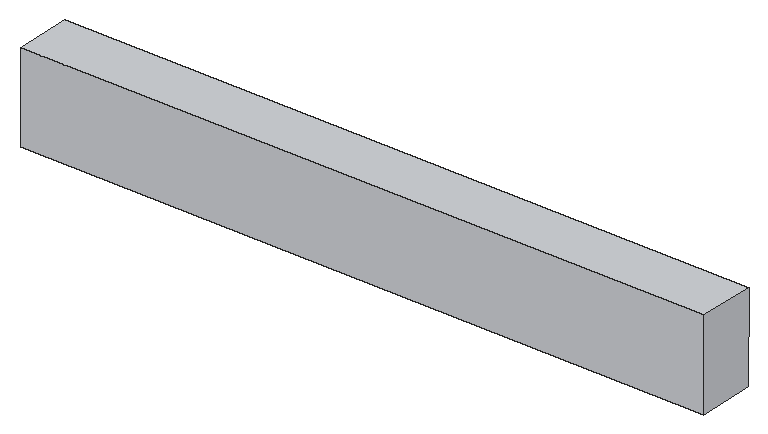
Revit family "OFFICE LV v2", category Lighting Fixtures, host Face, Revit 2023
Family settings
  Host = Face
  Round Connector Dimension = Use Diameter
  Part Type = Normal
  Cut with Voids When Loaded = No
  Light Source = Yes
  Maintain Annotation Orientation = Yes
  Shared = No
  Room Calculation Point = No
Parameters (values of type "LXLOFNLVx0293")
  Wattage = 9.2903 W
  built-in parameter 1150110 = 1 (stored number, unit not read)
  built-in parameter 1114217 = 1 (stored number, unit not read)
  Tilt Angle = -90.00°
  built-in parameter 1150109 = 1 (stored number, unit not read)
  built-in parameter 1150134 = 3
  built-in parameter 1150113 = 1 (stored number, unit not read)
  Photometric Web File = "OFFICE LV LXLOFNLV20293 .ies"
  Manufacturer = "LUXLIGHT"
  LuxLight_Watios = 12 W
  LuxLight_Temperatura = 3000 K
  LuxLight_ProtuberanciaTecho = 0 mm
  LuxLight_Lumenes = 1050 lm
  LuxLight_LargoAreaLuminosa = 500 mm
  LuxLight_Largo = 560 mm
  LuxLight_DiametroAreaLuminosa = 0 mm
  LuxLight_Diametro = 0 mm
  LuxLight_AnchoAreaLuminosa = 35 mm
  LuxLight_Ancho = 46 mm
  LuxLight_Amperios = 0
  LuxLight_AltoAreaLuminosa = 0 mm
  LuxLight_Alto = 73 mm
  built-in parameter 1150105 = 109.82 (stored number, unit not read)
  Lumens = 1380 lm
  built-in parameter 1150115 = 1 (stored number, unit not read)
  built-in parameter 1150137 = (empty or 0)
  built-in parameter 1150139 = (empty or 0)
  built-in parameter 1150112 = 1 (stored number, unit not read)
  built-in parameter 1150114 = 1 (stored number, unit not read)
  built-in parameter 1150132 = (empty or 0)
  built-in parameter 1150102 = (empty or 0)
  built-in parameter 1150107 = 3200 (stored number, unit not read)
  built-in parameter 1150138 = (empty or 0)
  built-in parameter 1150106 = 1.0982 (stored number, unit not read)
  Emit from Line Length = 609.6 mm
  built-in parameter 1150104 = 13.8 (stored number, unit not read)
  Dimming Lamp Color Temperature Shift = <None>
  Default Elevation = 1219.2 mm
  Color Filter = 16777215
  built-in parameter 1114218 = 1 (stored number, unit not read)
  built-in parameter 1150133 = 10 (stored number, unit not read)
Types (30, lengths in mm): name | Photometric Web File | LuxLight_Watios | LuxLight_Temperatura | LuxLight_Lumenes | LuxLight_LargoAreaLuminosa | LuxLight_Largo | LuxLight_AnchoAreaLuminosa | built-in parameter 1150105 | built-in parameter 1150106
  LXLOFNLVx0293 | "OFFICE LV LXLOFNLV20293 .ies" | 12 W | 3000 K | 1050 lm | 500 | 560 | 35 | 109.82 (stored number, unit not read) | 1.0982 (stored number, unit not read)
  LXLOFNLVx0235 | "OFFICE LV LXLOFNLV20235.ies" | 12 W | 3500 K | 1100 lm | 560 | 560 | 33.8 | 109.82 (stored number, unit not read) | 1.0982 (stored number, unit not read)
  LXLOFNLVx0294 | "OFFICE LV LXLOFNLV20294 .ies" | 12 W | 4000 K | 1154 lm | 560 | 560 | 33.8 | 109.82 (stored number, unit not read) | 1.0982 (stored number, unit not read)
  LXLOFNLVx0393 | "OFFICE LV LXLOFNLV20393 .ies" | 18 W | 3000 K | 1575 lm | 840 | 840 | 33.8 | 109.82 (stored number, unit not read) | 1.0982 (stored number, unit not read)
  LXLOFNLVx0335 | "OFFICE LV LXLOFNLV20335.ies" | 18 W | 3500 K | 1650 lm | 840 | 840 | 33.8 | 109.82 (stored number, unit not read) | 1.0982 (stored number, unit not read)
  LXLOFNLVx0394 | "OFFICE LV LXLOFNLV20394 .ies" | 18 W | 4000 K | 1731 lm | 840 | 840 | 33.8 | 109.82 (stored number, unit not read) | 1.0982 (stored number, unit not read)
  LXLOFNLVx0493 | "OFFICE LV LXLOFNLV20493 .ies" | 24 W | 3000 K | 2100 lm | 1120 | 1120 | 33.8 | 109.82 (stored number, unit not read) | 1.0982 (stored number, unit not read)
  LXLOFNLVx0435 | "OFFICE LV LXLOFNLV20435.ies" | 24 W | 3500 K | 2200 lm | 1120 | 1120 | 33.8 | 109.82 (stored number, unit not read) | 1.0982 (stored number, unit not read)
  LXLOFNLVx0494 | "OFFICE LV LXLOFNLV20494 .ies" | 24 W | 4000 K | 2308 lm | 1120 | 1120 | 33.8 | 109.82 (stored number, unit not read) | 1.0982 (stored number, unit not read)
  LXLOFNLVx0593 | "OFFICE LV LXLOFNLV20593 .ies" | 30 W | 3000 K | 2625 lm | 1400 | 1400 | 33.8 | 109.82 (stored number, unit not read) | 1.0982 (stored number, unit not read)
  LXLOFNLVx0535 | "OFFICE LV LXLOFNLV20535.ies" | 30 W | 3500 K | 2750 lm | 1400 | 1400 | 33.8 | 109.82 (stored number, unit not read) | 1.0982 (stored number, unit not read)
  LXLOFNLVx0594 | "OFFICE LV LXLOFNLV20594 .ies" | 30 W | 4000 K | 2885 lm | 1400 | 1400 | 33.8 | 109.82 (stored number, unit not read) | 1.0982 (stored number, unit not read)
  LXLOFNLVx0693 | "OFFICE LV LXLOFNLV20693.ies" | 36 W | 3000 K | 3150 lm | 1680 | 1680 | 33.8 | 109.82 (stored number, unit not read) | 1.0982 (stored number, unit not read)
  LXLOFNLVx0635 | "OFFICE LV LXLOFNLV20635.ies" | 36 W | 3500 K | 3300 lm | 1680 | 1680 | 33.8 | 109.82 (stored number, unit not read) | 1.0982 (stored number, unit not read)
  LXLOFNLVx0694 | "OFFICE LV LXLOFNLV20694 .ies" | 36 W | 4000 K | 3462 lm | 1680 | 1680 | 33.8 | 109.82 (stored number, unit not read) | 1.0982 (stored number, unit not read)
  LXLOFNLVx0793 | "OFFICE LV LXLOFNLV20793 .ies" | 42 W | 3000 K | 3675 lm | 1960 | 1960 | 33.8 | 109.82 (stored number, unit not read) | 1.0982 (stored number, unit not read)
  LXLOFNLVx0735 | "OFFICE LV LXLOFNLV20735.ies" | 42 W | 3500 K | 3850 lm | 1960 | 1960 | 33.8 | 109.82 (stored number, unit not read) | 1.0982 (stored number, unit not read)
  LXLOFNLVx0794 | "OFFICE LV LXLOFNLV20794 .ies" | 42 W | 4000 K | 4039 lm | 1960 | 1960 | 33.8 | 109.82 (stored number, unit not read) | 1.0982 (stored number, unit not read)
  LXLOFNLVx0893 | "OFFICE LV LXLOFNLV20893 .ies" | 48 W | 3000 K | 4200 lm | 2240 | 2240 | 33.8 | 109.82 (stored number, unit not read) | 1.0982 (stored number, unit not read)
  LXLOFNLVx0835 | "OFFICE LV LXLOFNLV20835.ies" | 48 W | 3500 K | 4400 lm | 2240 | 2240 | 33.8 | 109.82 (stored number, unit not read) | 1.0982 (stored number, unit not read)
  LXLOFNLVx0894 | "OFFICE LV LXLOFNLV20894 .ies" | 48 W | 4000 K | 4616 lm | 2240 | 2240 | 33.8 | 109.82 (stored number, unit not read) | 1.0982 (stored number, unit not read)
  LXLOFNLVx0993 | "OFFICE LV LXLOFNLV20993 .ies" | 54 W | 3000 K | 4725 lm | 2520 | 2520 | 33.8 | 109.82 (stored number, unit not read) | 1.0982 (stored number, unit not read)
  LXLOFNLVx0935 | "OFFICE LV LXLOFNLV20935.ies" | 54 W | 3500 K | 4950 lm | 2520 | 2520 | 33.8 | 109.82 (stored number, unit not read) | 1.0982 (stored number, unit not read)
  LXLOFNLVx0994 | "OFFICE LV LXLOFNLV20994 .ies" | 54 W | 4000 K | 5193 lm | 2520 | 2520 | 33.8 | 109.82 (stored number, unit not read) | 1.0982 (stored number, unit not read)
  LXLOFNLVx1093 | "OFFICE LV LXLOFNLV21093 .ies" | 60 W | 3000 K | 5250 lm | 2800 | 2800 | 33.8 | 109.82 (stored number, unit not read) | 1.0982 (stored number, unit not read)
  LXLOFNLVx1035 | "OFFICE LV LXLOFNLV21035.ies" | 60 W | 3500 K | 5500 lm | 2800 | 2800 | 33.8 | 109.82 (stored number, unit not read) | 1.0982 (stored number, unit not read)
  LXLOFNLVx1094 | "OFFICE LV LXLOFNLV21094 .ies" | 60 W | 4000 K | 5770 lm | 2800 | 2800 | 33.8 | 109.82 (stored number, unit not read) | 1.0982 (stored number, unit not read)
  LXLOFNLVx1193 | "OFFICE LV LXLOFNLV21193 .ies" | 66 W | 3000 K | 5775 lm | 3080 | 3080 | 33.8 | 1242.3 (stored number, unit not read) | 12.423 (stored number, unit not read)
  LXLOFNLVx1135 | "OFFICE LV LXLOFNLV21135.ies" | 66 W | 3500 K | 6050 lm | 3080 | 3080 | 33.8 | 109.82 (stored number, unit not read) | 1.0982 (stored number, unit not read)
  LXLOFNLVx1194 | "OFFICE LV LXLOFNLV21194 .ies" | 66 W | 4000 K | 6347 lm | 3080 | 3080 | 33.8 | 109.82 (stored number, unit not read) | 1.0982 (stored number, unit not read)
Reference planes
  plane 1 "Center (Front/Back)": y = 0
  plane 2: z = 0
  plane 3 "Center (Left/Right)": x = 0
  plane 4: x = -280
  plane 5: x = 280
Forms (mm)
  Extrusion 1, solid
    sketch origin (0, 0, 0) x (0, 1, 0) y (0, 0, 1)
      loop
        line (-23, 73) -> (-23, 0) -> (23, 0) -> (23, 73) -> (-23, 73)
    from -280 to 280
Dimensions and locks
  equal spacing: Extrusion 1 sketch curve, plane 1 "Center (Front/Back)", Extrusion 1 sketch curve
  "LuxLight_Ancho": Extrusion 1 sketch curve to Extrusion 1 sketch curve
  "LuxLight_Alto": Extrusion 1 sketch curve to level
  equal spacing: plane 5, plane 3 "Center (Left/Right)", plane 4
  "LuxLight_Largo": plane 5 to plane 4
  aligned and locked: plane 2 to host face
  aligned and locked: level to host face
  aligned and locked: level to Extrusion 1 sketch curve
  aligned and locked: plane 5 to Extrusion 1
  aligned and locked: Extrusion 1 to plane 4
Automatic sketch dimensions
  host sketch curve to host sketch curve = 2438.4 mm  (x2)
